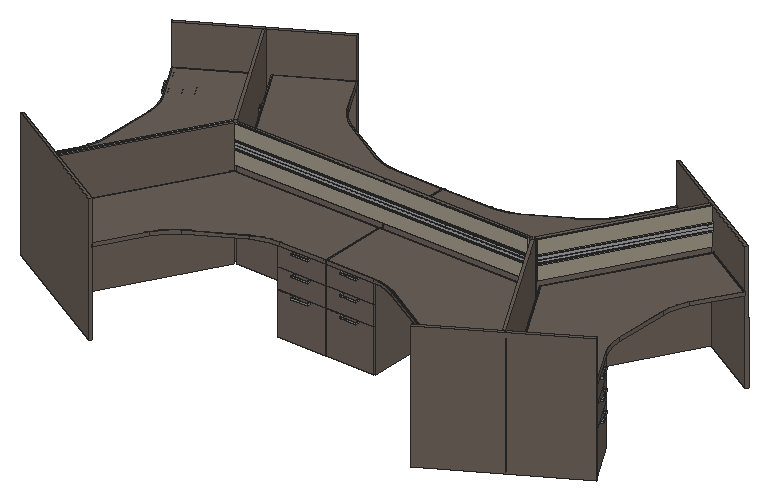
Revit family "STAKS010", category Furniture, Revit 2013
Reference planes (in)
  plane 1 "Center Front/Back": y = 0
  plane 2: z = 0
  plane 3 "Center Left/Right": x = 0
Dimensions and locks (in)
  aligned and locked: level to plane 2
  aligned and locked: nested 2 to nested 4  (x2)
  aligned and locked: nested 5 to nested 4
  aligned and locked: nested 6 to nested 2  (x2)
  aligned and locked: nested 1 to nested 4  (x2)
  aligned and locked: nested 2 to nested 3
  aligned and locked: nested 6 to nested 7
  aligned and locked: nested 10 to nested 9
  aligned and locked: nested 8 to nested 10
  aligned and locked: nested 12 to nested 11
  aligned and locked: nested 8 to nested 12
  aligned and locked: nested 7 to nested 14
  aligned and locked: nested 13 to nested 14
  aligned and locked: nested 13 to nested 2
  aligned and locked: nested 16 to nested 4
  aligned and locked: nested 1 to nested 17
  aligned and locked: nested 3 to nested 15
  aligned and locked: nested 20 to nested 5
  aligned and locked: nested 19 to nested 7
  aligned and locked: nested 19 to nested 21
  aligned and locked: nested 5 to nested 22
  aligned and locked: nested 23 to nested 5
  aligned and locked: nested 4 to nested 24
  aligned and locked: nested 29 to nested 27  (x2)
  aligned and locked: nested 29 to nested 30
  aligned and locked: nested 27 to nested 31
  aligned and locked: nested 29 to nested 26  (x2)
  aligned and locked: nested 31 to nested 27
  aligned and locked: nested 28 to nested 27
  aligned and locked: nested 32 to nested 31
  aligned and locked: nested 34 to nested 35
  aligned and locked: nested 35 to nested 33
  aligned and locked: nested 36 to nested 37
  aligned and locked: nested 37 to nested 33
  aligned and locked: nested 39 to nested 32
  aligned and locked: nested 39 to nested 38
  aligned and locked: nested 27 to nested 38
  aligned and locked: nested 29 to nested 41
  aligned and locked: nested 42 to nested 26
  aligned and locked: nested 40 to nested 28
  aligned and locked: nested 30 to nested 45
  aligned and locked: nested 32 to nested 44
  aligned and locked: nested 46 to nested 44
  aligned and locked: nested 47 to nested 30
  aligned and locked: nested 30 to nested 48
  aligned and locked: nested 49 to nested 29
  aligned and locked: nested 25 to nested 33
Nested families (in)
  nested 1: "FIRST OFFICE-STAKS-WORKSURFACE-CORNER 120 DEGREE" at (-38.25443, -65.70487, 0) x (0.5, 0.866, 0) z (0, 0, 1), type "FIRST OFFICE-STAKS-WORKSURFACE-CORNER 120 DEG 47.639 X 47.639"
  nested 2: "FIRST OFFICE-STAKS-WORKSURFACE-CORNER 120 DEGREE" at (-38.54255, -65.53852, 0) x (0.5, 0.866, 0) z (0, 0, 1), type "FIRST OFFICE-STAKS-WORKSURFACE-CORNER 120 DEG 47.639 X 47.639"
  nested 3: "FIRST OFFICE-STAKS-WORKSURFACE-CORNER 120 DEGREE" at (74.41604, -0.32185, 0) x (-1, 0, 0) z (0, 0, 1), type "FIRST OFFICE-STAKS-WORKSURFACE-CORNER 120 DEG 47.639 X 47.639"
  nested 4: "FIRST OFFICE-STAKS-WALL-SPINE-DIVIDER" at (-26.00317, -44.15238, 0) x (0.866, -0.5, 0) z (0, 0, 1), type "FIRST OFFICE-STAKS-WALL SPINE/DIVIDER 42 X 48"
  nested 5: "FIRST OFFICE-STAKS-WALL-SPINE-DIVIDER" at (-12.21127, -22.52553, 0) x (0.5, 0.866, 0) z (0, 0, 1), type "FIRST OFFICE-STAKS-WALL SPINE/DIVIDER 42 X 48"
  nested 6: "FIRST OFFICE-STAKS-WALL-SPINE-DIVIDER" at (-24.87782, 41.22682, 0) x (0.866, 0.5, 0) z (0, 0, 1), type "FIRST OFFICE-STAKS-WALL SPINE/DIVIDER 42 X 48"
  nested 7: "FIRST OFFICE-STAKS-WALL-SPINE-DIVIDER" at (-14.1592, 20.42449, 0) x (0.5, -0.866, 0) z (0, 0, 1), type "FIRST OFFICE-STAKS-WALL SPINE/DIVIDER 42 X 48"
  nested 8: "FIRST OFFICE-STAKS-WALL-SPINE-DIVIDER" at (24, -1.62535, 0) x (-1, 0, 0) z (0, 0, 1), type "FIRST OFFICE-STAKS-WALL SPINE/DIVIDER 42 X 48"
  nested 9: "FIRST OFFICE-STAKS-PEDESTALS-WORKSUFACE HEIGHT NO I BEAM-12W TO 16W" at (40.08539, -25.00035, 0), type "FIRST OFFICE-STAKS-SURFACE HEIGHT BBF PED-NO I BEAM 16 X 19"
  nested 10: "FIRST OFFICE-STAKS-BRACKETS-PEDESTAL TO WALL" at (40.73829, -5, 0) x (-1, 0, 0) z (0, 0, 1), type "FIRST OFFICE-STAKS-PEDESTAL TO WALL BRACKET 1"
  nested 11: "FIRST OFFICE-STAKS-PEDESTALS-WORKSUFACE HEIGHT NO I BEAM-12W TO 16W" at (40.08539, 24.00035, 0), type "FIRST OFFICE-STAKS-SURFACE HEIGHT BBF PED-NO I BEAM 16 X 19"
  nested 12: "FIRST OFFICE-STAKS-BRACKETS-PEDESTAL TO WALL" at (40.73829, 4, 0) x (-1, 0, 0) z (0, 0, 1), type "FIRST OFFICE-STAKS-PEDESTAL TO WALL BRACKET 1"
  nested 13: "FIRST OFFICE-STAKS-PEDESTALS-WORKSUFACE HEIGHT NO I BEAM-12W TO 16W" at (-42.50774, 22.7756, 0) x (-0.5, 0.866, 0) z (0, 0, 1), type "FIRST OFFICE-STAKS-SURFACE HEIGHT BBF PED-NO I BEAM 16 X 19"
  nested 14: "FIRST OFFICE-STAKS-BRACKETS-PEDESTAL TO WALL" at (-25.30603, 32.98206, 0) x (0.5, -0.866, 0) z (0, 0, 1), type "FIRST OFFICE-STAKS-PEDESTAL TO WALL BRACKET 1"
  nested 15: "FIRST OFFICE-STAKS-BRACKETS-WORKSURFACE-SCWBKT" at (-6.49875, 52.56007, -0.15625) x (0.5, -0.866, 0) z (0, 0, 1), type "FIRST OFFICE-STAKS-BRACKET-WORKSURFACE-16""
  nested 16: "FIRST OFFICE-STAKS-BRACKETS-WORKSURFACE-SCWBKT" at (-43.26026, -32.3122, -0.15625) x (0.5, 0.866, 0) z (0, 0, 1), type "FIRST OFFICE-STAKS-BRACKET-WORKSURFACE-16""
  nested 17: "FIRST OFFICE-STAKS-BRACKETS-WORKSURFACE-SCWBKT" at (-20.7436, -45.3122, -0.15625) x (0.5, 0.866, 0) z (0, 0, 1), type "FIRST OFFICE-STAKS-BRACKET-WORKSURFACE-16""
  nested 18: "FIRST OFFICE-STAKS-BRACKETS-CANTILEVER" at (5, -1, -0.15625), type "FIRST OFFICE-STAKS- BRACKETS-CANTILEVER-OPEN 22""
  nested 19: "FIRST OFFICE-STAKS-BRACKETS-CANTILEVER" at (-7.04887, 11.35974, -0.15625) x (-0.5, 0.866, 0) z (0, 0, 1), type "FIRST OFFICE-STAKS- BRACKETS-CANTILEVER-OPEN 22""
  nested 20: "FIRST OFFICE-STAKS-BRACKETS-CANTILEVER" at (-9.75386, -15.01849, -0.15625) x (-0.5, -0.866, 0) z (0, 0, 1), type "FIRST OFFICE-STAKS- BRACKETS-CANTILEVER-OPEN 22""
  nested 21: "FIRST OFFICE-STAKS-BRACKETS-CANTILEVER-CONCEALED" at (-18.04512, 30.40579, -0.15625) x (-0.5, 0.866, 0) z (0, 0, 1), type "FIRST OFFICE-STAKS- BRACKETS-CANTILEVER-CONCEALED-MINI"
  nested 22: "FIRST OFFICE-STAKS-BRACKETS-CANTILEVER-CONCEALED" at (-15.4904, -26.95445, -0.15625) x (0.5, 0.866, 0) z (0, 0, 1), type "FIRST OFFICE-STAKS- BRACKETS-CANTILEVER-CONCEALED-MINI"
  nested 23: "FIRST OFFICE-STAKS-BRACKETS-CANTILEVER-CONCEALED" at (-16.55485, -26.79814, -0.15625) x (-0.5, -0.866, 0) z (0, 0, 1), type "FIRST OFFICE-STAKS- BRACKETS-CANTILEVER-CONCEALED-MINI"
  nested 24: "FIRST OFFICE-STAKS-WALL-TACKBOARDS" at (-6.60039, 1.94418, 0) x (-0.5, -0.866, 0) z (0, 0, 1), type "FIRST OFFICE-STAKS-TACKBOARD TRIPLE 48-27 X 12"
    with TACKBORD WIDTH 3' - 11.99683"
  nested 25: "FIRST OFFICE-STAKS-WALL-TACKBOARDS" at (0, -6.75035, 0), type "FIRST OFFICE-STAKS-TACKBOARD TRIPLE 96-74 X 12"
    with TACKBORD WIDTH 8' - 0.00005"
  nested 26: "FIRST OFFICE-STAKS-WORKSURFACE-CORNER 120 DEGREE" at (134.25448, 64.70487, 0) x (-0.5, -0.866, 0) z (0, 0, 1), type "FIRST OFFICE-STAKS-WORKSURFACE-CORNER 120 DEG 47.639 X 47.639"
  nested 27: "FIRST OFFICE-STAKS-WORKSURFACE-CORNER 120 DEGREE" at (134.5426, 64.53852, 0) x (-0.5, -0.866, 0) z (0, 0, 1), type "FIRST OFFICE-STAKS-WORKSURFACE-CORNER 120 DEG 47.639 X 47.639"
  nested 28: "FIRST OFFICE-STAKS-WORKSURFACE-CORNER 120 DEGREE" at (21.58402, -0.67815, 0), type "FIRST OFFICE-STAKS-WORKSURFACE-CORNER 120 DEG 47.639 X 47.639"
  nested 29: "FIRST OFFICE-STAKS-WALL-SPINE-DIVIDER" at (122.00323, 43.15238, 0) x (-0.866, 0.5, 0) z (0, 0, 1), type "FIRST OFFICE-STAKS-WALL SPINE/DIVIDER 42 X 48"
  nested 30: "FIRST OFFICE-STAKS-WALL-SPINE-DIVIDER" at (108.21132, 21.52553, 0) x (-0.5, -0.866, 0) z (0, 0, 1), type "FIRST OFFICE-STAKS-WALL SPINE/DIVIDER 42 X 48"
  nested 31: "FIRST OFFICE-STAKS-WALL-SPINE-DIVIDER" at (120.87788, -42.22682, 0) x (-0.866, -0.5, 0) z (0, 0, 1), type "FIRST OFFICE-STAKS-WALL SPINE/DIVIDER 42 X 48"
  nested 32: "FIRST OFFICE-STAKS-WALL-SPINE-DIVIDER" at (110.15926, -21.42449, 0) x (-0.5, 0.866, 0) z (0, 0, 1), type "FIRST OFFICE-STAKS-WALL SPINE/DIVIDER 42 X 48"
  nested 33: "FIRST OFFICE-STAKS-WALL-SPINE-DIVIDER" at (72.00005, 0.62535, 0), type "FIRST OFFICE-STAKS-WALL SPINE/DIVIDER 42 X 48"
  nested 34: "FIRST OFFICE-STAKS-PEDESTALS-WORKSUFACE HEIGHT NO I BEAM-12W TO 16W" at (55.91467, 24.00035, 0) x (-1, 0, 0) z (0, 0, 1), type "FIRST OFFICE-STAKS-SURFACE HEIGHT BBF PED-NO I BEAM 16 X 19"
  nested 35: "FIRST OFFICE-STAKS-BRACKETS-PEDESTAL TO WALL" at (55.26176, 4, 0), type "FIRST OFFICE-STAKS-PEDESTAL TO WALL BRACKET 1"
  nested 36: "FIRST OFFICE-STAKS-PEDESTALS-WORKSUFACE HEIGHT NO I BEAM-12W TO 16W" at (55.91467, -25.00035, 0) x (-1, 0, 0) z (0, 0, 1), type "FIRST OFFICE-STAKS-SURFACE HEIGHT BBF PED-NO I BEAM 16 X 19"
  nested 37: "FIRST OFFICE-STAKS-BRACKETS-PEDESTAL TO WALL" at (55.26176, -5, 0), type "FIRST OFFICE-STAKS-PEDESTAL TO WALL BRACKET 1"
  nested 38: "FIRST OFFICE-STAKS-PEDESTALS-WORKSUFACE HEIGHT NO I BEAM-12W TO 16W" at (138.50779, -23.7756, 0) x (0.5, -0.866, 0) z (0, 0, 1), type "FIRST OFFICE-STAKS-SURFACE HEIGHT BBF PED-NO I BEAM 16 X 19"
  nested 39: "FIRST OFFICE-STAKS-BRACKETS-PEDESTAL TO WALL" at (121.30608, -33.98206, 0) x (-0.5, 0.866, 0) z (0, 0, 1), type "FIRST OFFICE-STAKS-PEDESTAL TO WALL BRACKET 1"
  nested 40: "FIRST OFFICE-STAKS-BRACKETS-WORKSURFACE-SCWBKT" at (102.4988, -53.56007, -0.15625) x (-0.5, 0.866, 0) z (0, 0, 1), type "FIRST OFFICE-STAKS-BRACKET-WORKSURFACE-16""
  nested 41: "FIRST OFFICE-STAKS-BRACKETS-WORKSURFACE-SCWBKT" at (139.26031, 31.3122, -0.15625) x (-0.5, -0.866, 0) z (0, 0, 1), type "FIRST OFFICE-STAKS-BRACKET-WORKSURFACE-16""
  nested 42: "FIRST OFFICE-STAKS-BRACKETS-WORKSURFACE-SCWBKT" at (116.74365, 44.3122, -0.15625) x (-0.5, -0.866, 0) z (0, 0, 1), type "FIRST OFFICE-STAKS-BRACKET-WORKSURFACE-16""
  nested 43: "FIRST OFFICE-STAKS-BRACKETS-CANTILEVER" at (91.00005, 0, -0.15625) x (-1, 0, 0) z (0, 0, 1), type "FIRST OFFICE-STAKS- BRACKETS-CANTILEVER-OPEN 22""
  nested 44: "FIRST OFFICE-STAKS-BRACKETS-CANTILEVER" at (103.04893, -12.35974, -0.15625) x (0.5, -0.866, 0) z (0, 0, 1), type "FIRST OFFICE-STAKS- BRACKETS-CANTILEVER-OPEN 22""
  nested 45: "FIRST OFFICE-STAKS-BRACKETS-CANTILEVER" at (105.75392, 14.01849, -0.15625) x (0.5, 0.866, 0) z (0, 0, 1), type "FIRST OFFICE-STAKS- BRACKETS-CANTILEVER-OPEN 22""
  nested 46: "FIRST OFFICE-STAKS-BRACKETS-CANTILEVER-CONCEALED" at (114.04517, -31.40579, -0.15625) x (0.5, -0.866, 0) z (0, 0, 1), type "FIRST OFFICE-STAKS- BRACKETS-CANTILEVER-CONCEALED-MINI"
  nested 47: "FIRST OFFICE-STAKS-BRACKETS-CANTILEVER-CONCEALED" at (111.49045, 25.95445, -0.15625) x (-0.5, -0.866, 0) z (0, 0, 1), type "FIRST OFFICE-STAKS- BRACKETS-CANTILEVER-CONCEALED-MINI"
  nested 48: "FIRST OFFICE-STAKS-BRACKETS-CANTILEVER-CONCEALED" at (112.5549, 25.79814, -0.15625) x (0.5, 0.866, 0) z (0, 0, 1), type "FIRST OFFICE-STAKS- BRACKETS-CANTILEVER-CONCEALED-MINI"
  nested 49: "FIRST OFFICE-STAKS-WALL-TACKBOARDS" at (102.60045, -2.94418, 0) x (0.5, 0.866, 0) z (0, 0, 1), type "FIRST OFFICE-STAKS-TACKBOARD TRIPLE 48-27 X 12"
    with TACKBORD WIDTH 3' - 11.99683"
Definition of nested family "FIRST OFFICE-STAKS-WORKSURFACE-CORNER 120 DEGREE"
  Parameters (values of type "FIRST OFFICE-STAKS-WORKSURFACE-CORNER 120 DEG 35.639 X 35.639")
    CORNER DEPTH = 2' - 11.639"
    URL = "http://www.firstoffice.com/products/crossover/staks/"
    Model = "6-CU-35.639/35.639"
    Manufacturer = "FIRST OFFICE-STAKS"
    MANUFACTURERS' CODE = "FOF"
    ENVIRONMENTAL = "http://www.firstoffice.com/products/crossover/staks/"
    Description = "36.639 X 36.639 CORNER 120 DEG DIAGINAL GRAIN WORKSURFACE"
    CORNER WIDTH = 2' - 11.639"
    CATALOG CODE = "FST"
    Assembly Code = ""
  Types (6): name | CORNER DEPTH | Model | Description | CORNER WIDTH
    FIRST OFFICE-STAKS-WORKSURFACE-CORNER 120 DEG 35.639 X 35.639 | 2' - 11.639" | "6-CU-35.639/35.639" | "36.639 X 36.639 CORNER 120 DEG DIAGINAL GRAIN WORKSURFACE" | 2' - 11.639"
    FIRST OFFICE-STAKS-WORKSURFACE-CORNER 120 DEG 41.639 X 41.639 | 3' - 5.639" | "6-CU-41.639/41.639" | "41.639 X 41.639 CORNER 120 DEG DIAGINAL GRAIN WORKSURFACE" | 3' - 5.639"
    FIRST OFFICE-STAKS-WORKSURFACE-CORNER 120 DEG 47.639 X 47.639 | 3' - 11.639" | "6-CU-47.639/47.639" | "47.639 X 47.639 CORNER 120 DEG DIAGINAL GRAIN WORKSURFACE" | 3' - 11.639"
    FIRST OFFICE-STAKS-WORKSURFACE-CORNER 120 DEG 57.639 X 57.639 | 4' - 9.639" | "6-CU-57.639/57.639" | "57.639 X 57.639 CORNER 120 DEG DIAGINAL GRAIN WORKSURFACE" | 4' - 9.639"
    FIRST OFFICE-STAKS-WORKSURFACE-CORNER 120 DEG 57.639 X 42.014 | 3' - 6.014" | "6-CU-57.639/42.014" | "57.639 X 42.014 CORNER 120 DEG DIAGINAL GRAIN WORKSURFACE" | 4' - 9.639"
    FIRST OFFICE-STAKS-WORKSURFACE-CORNER 120 DEG 42.014 X 57.639 | 4' - 9.639" | "6-CU-42.014/57.639" | "42.014 X 57.639 CORNER 120 DEG DIAGINAL GRAIN WORKSURFACE" | 3' - 6.014"
  Reference planes (in)
    plane 1: z = -0.125
    plane 2 "BACK": y = -1.83365
    plane 3: z = 27.25
    plane 4 "SURFACE TOP": z = 28.375
    plane 5 "LEFT": x = 38.41598
    plane 6 "RIGHT": through (69.04222, 6.8487, 47.875) normal (0.866, 0.5, 0)
    plane 7: y = -1.95865
    plane 8: x = 38.54098
    plane 9: through (68.93397, 6.7862, 47.875) normal (0.866, 0.5, 0)
    plane 10: x = 74.05498
    plane 11: y = -23.83365
    plane 12: through (7.3129, -81.51958, 47.875) normal (-0.5, 0.866, 0)
    plane 13: through (7.2504, -81.41133, 47.875) normal (-0.5, 0.866, 0)
    plane 14: through (50.09791, -4.0888, 47.875) normal (0.866, 0.5, 0)
    plane 15: through (49.98966, -4.1513, 47.875) normal (0.866, 0.5, 0)
    plane 16: y = -23.70865
    plane 17: through (-10.5066, -50.6553, 47.875) normal (-0.5, 0.866, 0)
    plane 18: through (49.87291, -25.97725, 47.875) normal (0.5, 0.866, 0)
    plane 19: through (49.93536, -25.86897, 47.875) normal (0.5, 0.866, 0)
  Forms (in)
    Extrusion 1, solid, material "STAKS SURFACE EDGE"
      sketch origin (0, 0, 16.625) x (-1, 0, 0) y (0, -1, 0)
        loop
          line (-73.98281, 1.95865) -> (-74.05498, 1.83365) -> (-38.41598, 1.83365) -> (-38.54098, 1.95865) -> (-73.98281, 1.95865)
      from 11.75 to 10.625
    Extrusion 2, solid, material "STAKS SURFACE EDGE"
      sketch origin (0, 0, 16.625) x (-1, 0, 0) y (0, -1, 0)
        loop
          line (-41.9399, 23.70865) -> (-38.54098, 23.70865) -> (-38.41598, 23.83365) -> (-41.87291, 23.83365)
          arc (-41.87291, 23.83365) -> (-46.01402, 24.37884) -> (-49.87291, 25.97725) r 16
          line (-49.87291, 25.97725) -> (-65.23705, 34.84774)
          arc (-65.23705, 34.84774) -> (-68.55076, 37.39043) -> (-71.09346, 40.70414) r 16
          line (-71.09346, 40.70414) -> (-72.82192, 43.69793) -> (-72.86768, 43.52718) -> (-71.16822, 40.58363)
          arc (-71.16822, 40.58363) -> (-68.64538, 37.29581) -> (-65.35756, 34.77298) r 15.875
          line (-65.35756, 34.77298) -> (-49.8774, 25.8355)
          arc (-49.8774, 25.8355) -> (-46.04865, 24.24958) -> (-41.9399, 23.70865) r 15.875
      from 11.75 to 10.625
    Extrusion 3, solid, material "STAKS SURFACE EDGE"
      sketch origin (0, 0, 16.625) x (-1, 0, 0) y (0, -1, 0)
        loop
          line (-38.54098, 1.95865) -> (-38.41598, 1.83365) -> (-38.41598, 23.83365) -> (-38.54098, 23.70865) -> (-38.54098, 1.95865)
      from 11.75 to 10.625
    Extrusion 4, solid, material "STAKS SURFACE EDGE"
      sketch origin (0, 0, 16.625) x (-1, 0, 0) y (0, -1, 0)
        loop
          line (-72.82192, 43.69793) -> (-91.87448, 32.69793) -> (-91.70373, 32.65218) -> (-72.86768, 43.52718) -> (-72.82192, 43.69793)
      from 11.75 to 10.625
    Extrusion 5, solid, material "STAKS SURFACE EDGE"
      sketch origin (0, 0, 16.625) x (-1, 0, 0) y (0, -1, 0)
        loop
          line (-74.05498, 1.83365) -> (-73.98281, 1.95865) -> (-91.70373, 32.65218) -> (-91.87448, 32.69793) -> (-74.05498, 1.83365)
      from 11.75 to 10.625
    Extrusion 6, solid, material "STAKS SURFACE 120"
      sketch origin (0, 0, 16.625) x (-1, 0, 0) y (0, -1, 0)
        loop
          line (-73.98281, 1.95865) -> (-38.54098, 1.95865) -> (-38.54098, 23.70865) -> (-41.9399, 23.70865)
          arc (-41.9399, 23.70865) -> (-46.04865, 24.24958) -> (-49.8774, 25.8355) r 15.875
          line (-49.8774, 25.8355) -> (-65.35756, 34.77298)
          arc (-65.35756, 34.77298) -> (-68.64538, 37.29581) -> (-71.16822, 40.58363) r 15.875
          line (-71.16822, 40.58363) -> (-72.86768, 43.52718) -> (-91.70373, 32.65218) -> (-73.98281, 1.95865)
      from 11.75 to 10.625
  Lines and regions (in)
    Masking region 1
      outline origin (0, 0, 16.625) x (-1, 0, 0) y (0, -1, 0)
        loop
          line (-38.54098, 1.95865) -> (-38.41598, 1.83365) -> (-38.41598, 23.83365) -> (-38.54098, 23.70865) -> (-38.54098, 1.95865)
    Masking region 2
      outline origin (0, 0, 16.625) x (-1, 0, 0) y (0, -1, 0)
        loop
          line (-38.41598, 1.83365) -> (-38.54098, 1.95865) -> (-73.98281, 1.95865) -> (-74.05498, 1.83365) -> (-38.41598, 1.83365)
    Masking region 3
      outline origin (0, 0, 16.625) x (-1, 0, 0) y (0, -1, 0)
        loop
          line (-74.05498, 1.83365) -> (-73.98281, 1.95865) -> (-91.70373, 32.65218) -> (-91.87448, 32.69793) -> (-74.05498, 1.83365)
    Masking region 4
      outline origin (0, 0, 16.625) x (-1, 0, 0) y (0, -1, 0)
        loop
          line (-91.87448, 32.69793) -> (-91.70373, 32.65218) -> (-72.86768, 43.52718) -> (-72.82192, 43.69793) -> (-91.87448, 32.69793)
    Masking region 5
      outline origin (0, 0, 16.625) x (-1, 0, 0) y (0, -1, 0)
        loop
          line (-71.09346, 40.70414) -> (-72.82192, 43.69793) -> (-72.86768, 43.52718) -> (-71.16822, 40.58363) -> (-71.09346, 40.70414)
    Masking region 6
      outline origin (0, 0, 16.625) x (-1, 0, 0) y (0, -1, 0)
        loop
          line (-71.09346, 40.70414) -> (-71.16822, 40.58363)
          arc (-71.16822, 40.58363) -> (-68.63353, 37.28397) -> (-65.32853, 34.75626) r 15.875
          line (-65.32853, 34.75626) -> (-65.23705, 34.84774)
          arc (-65.23705, 34.84774) -> (-68.55076, 37.39043) -> (-71.09346, 40.70414) r 16
    Masking region 7
      outline origin (0, 0, 16.625) x (-1, 0, 0) y (0, -1, 0)
        loop
          line (-49.8774, 25.97984) -> (-65.23705, 34.84774) -> (-65.32853, 34.75626) -> (-49.8774, 25.83554) -> (-49.8774, 25.97984)
    Masking region 8
      outline origin (0, 0, 16.625) x (-1, 0, 0) y (0, -1, 0)
        loop
          arc (-41.87291, 23.83365) -> (-46.01402, 24.37884) -> (-49.87291, 25.97725) r 16
          line (-49.87291, 25.97725) -> (-49.87291, 25.83291)
          arc (-49.87291, 25.83291) -> (-46.04615, 24.24891) -> (-41.9399, 23.70865) r 15.875
          line (-41.9399, 23.70865) -> (-41.87291, 23.83365)
    Masking region 9
      outline origin (0, 0, 16.625) x (-1, 0, 0) y (0, -1, 0)
        loop
          line (-38.54098, 23.70865) -> (-38.41598, 23.83365) -> (-41.87291, 23.83365) -> (-41.9399, 23.70865) -> (-38.54098, 23.70865)
    Masking region 10
      outline origin (0, 0, -0.125) x (1, 0, 0) y (0, 1, 0)
        loop
          arc (41.93975, -23.70865) -> (46.04858, -24.24959) -> (49.8774, -25.83554) r 15.8753
          line (49.8774, -25.83554) -> (65.32853, -34.75626)
          arc (65.32853, -34.75626) -> (68.64229, -37.299) -> (71.18503, -40.61276) r 16.00026
          line (71.18503, -40.61276) -> (72.86768, -43.52718) -> (91.70373, -32.65218) -> (73.98281, -1.95865) -> (38.54098, -1.95865) -> (38.54098, -23.70865) -> (41.93975, -23.70865)
  Dimensions and locks (in)
    locked: plane 4 "SURFACE TOP" to plane 3 at 1.125
    locked: plane 5 "LEFT" to plane 8 at 0.125
    locked: plane 2 "BACK" to plane 7 at 0.125
    locked: plane 2 "BACK" to plane 11 at 22
    locked: plane 13 to plane 12 at 0.125
    locked: plane 6 "RIGHT" to plane 15 at 22
    locked: plane 16 to plane 11 at 0.125
    locked: plane 14 to plane 15 at 0.125
    locked: plane 6 "RIGHT" to plane 9 at 0.125
    "CORNER WIDTH": plane 5 "LEFT" to plane 10
    "CORNER DEPTH": plane 17 to plane 12
    locked: Extrusion 2 sketch curve to Extrusion 2 sketch curve at 33.74098
    locked: Masking region 8 sketch curve to Masking region 8 sketch curve at 8.28221
    Masking region 8 sketch curve to Masking region 8 sketch curve = 0' - 8.2125"
    Masking region 10 sketch curve to Masking region 10 sketch curve = 0' - 8.21766"
    Masking region 10 sketch curve to Masking region 10 sketch curve = 0' - 8.28235"
    locked: plane 2 "BACK" to plane 6 "RIGHT" (angle 120.00°)
    aligned: level to plane 1
    aligned and locked: plane 4 "SURFACE TOP" to Extrusion 1
    aligned and locked: Extrusion 1 to plane 3
    aligned and locked: Extrusion 2 sketch curve to plane 15
    aligned and locked: plane 13 to Extrusion 2 sketch curve
    aligned and locked: Extrusion 2 sketch curve to plane 11
    aligned and locked: plane 16 to Extrusion 2 sketch curve
    aligned and locked: Extrusion 1 sketch curve to plane 7
    aligned and locked: plane 2 "BACK" to Extrusion 1 sketch curve
    aligned and locked: plane 4 "SURFACE TOP" to Extrusion 3
    aligned and locked: plane 4 "SURFACE TOP" to Extrusion 6
    aligned and locked: plane 4 "SURFACE TOP" to Extrusion 2
    aligned and locked: plane 4 "SURFACE TOP" to Extrusion 5
    aligned and locked: plane 4 "SURFACE TOP" to Extrusion 4
    aligned and locked: Extrusion 2 to plane 3
    aligned and locked: Extrusion 3 to plane 3
    aligned and locked: Extrusion 6 to plane 3
    aligned and locked: Extrusion 5 to plane 3
    aligned and locked: Extrusion 4 to plane 3
    aligned and locked: Extrusion 6 sketch curve to Extrusion 2
    aligned and locked: plane 14 to Masking region 5 sketch curve
    aligned and locked: Masking region 5 sketch curve to plane 15
    aligned and locked: Extrusion 2 to Masking region 5 sketch curve
    aligned: plane 12 to Masking region 5 sketch curve
    aligned: plane 13 to Masking region 5 sketch curve
    aligned and locked: Masking region 5 sketch curve to Extrusion 4
    aligned and locked: Masking region 6 sketch curve to Extrusion 2
    aligned and locked: Extrusion 2 to Masking region 7 sketch curve
    aligned and locked: Masking region 8 sketch curve to Extrusion 2
    aligned and locked: Masking region 9 sketch curve to Masking region 8
    aligned and locked: Masking region 7 to Masking region 10 sketch curve
    aligned and locked: Masking region 10 sketch curve to Masking region 7
  Automatic sketch dimensions
    Extrusion 2 sketch curve to plane 14 = 0' - 0"  (x2)
    Extrusion 2 sketch curve to plane 12 = 0' - 0"
    Extrusion 2 sketch curve to plane 18 = 0' - 0"  (x2)
    Extrusion 2 sketch curve to plane 8 = 0' - 0"
    Extrusion 2 sketch curve to plane 5 "LEFT" = 0' - 0"
    Extrusion 2 sketch curve to plane 10 = 0' - 2.88676"
    Extrusion 2 sketch curve to plane 2 "BACK" = 3' - 2.87049"
    Extrusion 2 sketch curve to Extrusion 2 sketch curve = 0' - 5.81065"
    Extrusion 2 sketch curve to Extrusion 2 sketch curve = 0' - 0.12051"
    Extrusion 2 sketch curve to Extrusion 2 sketch curve = 1' - 1.67339"
    Extrusion 2 sketch curve to Extrusion 2 sketch curve = 0' - 0.18301"
    Extrusion 2 sketch curve to Extrusion 2 sketch curve = 0' - 8.00449"
    Extrusion 2 sketch curve to Extrusion 2 sketch curve = 0' - 0.00449"
    Extrusion 2 sketch curve to Extrusion 2 sketch curve = 0' - 0.06699"
    Extrusion 2 sketch curve to Extrusion 2 sketch curve = 0' - 0.14175"
    Extrusion 2 sketch curve to Extrusion 2 sketch curve = 0' - 0.07476"
    Extrusion 1 sketch curve to plane 6 "RIGHT" = 0' - 0"
    Extrusion 1 sketch curve to plane 9 = 0' - 0"
    Extrusion 1 sketch curve to plane 8 = 0' - 0"
    Extrusion 1 sketch curve to plane 5 "LEFT" = 0' - 0"
    Extrusion 3 sketch curve to plane 8 = 0' - 0"
    Extrusion 3 sketch curve to plane 7 = 0' - 0"
    Extrusion 3 sketch curve to plane 5 "LEFT" = 0' - 0"
    Extrusion 3 sketch curve to plane 2 "BACK" = 0' - 0"
    Extrusion 3 sketch curve to plane 16 = 0' - 0"
    Extrusion 3 sketch curve to plane 11 = 0' - 0"
    Extrusion 4 sketch curve to plane 6 "RIGHT" = 0' - 0"
    Extrusion 4 sketch curve to plane 12 = 0' - 0"  (x2)
    Extrusion 4 sketch curve to plane 9 = 0' - 0"
    Extrusion 4 sketch curve to plane 13 = 0' - 0"  (x2)
    Extrusion 4 sketch curve to plane 14 = 0' - 0"
    Extrusion 4 sketch curve to plane 15 = 0' - 0"
    Extrusion 5 sketch curve to plane 6 "RIGHT" = 0' - 0"  (x2)
    Extrusion 5 sketch curve to plane 12 = 0' - 0"
    Extrusion 5 sketch curve to plane 9 = 0' - 0"  (x2)
    Extrusion 5 sketch curve to plane 13 = 0' - 0"
    Extrusion 5 sketch curve to plane 2 "BACK" = 0' - 0"
    Extrusion 5 sketch curve to plane 7 = 0' - 0"
    Masking region 1 sketch curve to plane 7 = 0' - 0"
    Masking region 1 sketch curve to plane 8 = 0' - 0"
    Masking region 1 sketch curve to plane 5 "LEFT" = 0' - 0"
    Masking region 1 sketch curve to plane 2 "BACK" = 0' - 0"
    Masking region 1 sketch curve to plane 16 = 0' - 0"
    Masking region 1 sketch curve to plane 11 = 0' - 0"
    Masking region 2 sketch curve to plane 6 "RIGHT" = 0' - 0"
    Masking region 2 sketch curve to plane 7 = 0' - 0"
    Masking region 2 sketch curve to plane 9 = 0' - 0"
    Masking region 2 sketch curve to plane 8 = 0' - 0"
    Masking region 2 sketch curve to plane 2 "BACK" = 0' - 0"
    Masking region 2 sketch curve to plane 5 "LEFT" = 0' - 0"
    Masking region 3 sketch curve to plane 12 = 0' - 0"
    Masking region 3 sketch curve to plane 6 "RIGHT" = 0' - 0"  (x2)
    Masking region 3 sketch curve to plane 9 = 0' - 0"  (x2)
    Masking region 3 sketch curve to plane 13 = 0' - 0"
    Masking region 3 sketch curve to plane 2 "BACK" = 0' - 0"
    Masking region 3 sketch curve to plane 7 = 0' - 0"
    Masking region 4 sketch curve to plane 6 "RIGHT" = 0' - 0"
    Masking region 4 sketch curve to plane 12 = 0' - 0"  (x2)
    Masking region 4 sketch curve to plane 9 = 0' - 0"
    Masking region 4 sketch curve to plane 13 = 0' - 0"  (x2)
    Masking region 4 sketch curve to plane 14 = 0' - 0"
    Masking region 4 sketch curve to plane 15 = 0' - 0"
    Extrusion 6 sketch curve to plane 9 = 0' - 0"
    Extrusion 6 sketch curve to plane 13 = 0' - 0"  (x2)
    Extrusion 6 sketch curve to plane 14 = 0' - 0"
    Extrusion 6 sketch curve to plane 7 = 0' - 0"
    Extrusion 6 sketch curve to plane 16 = 0' - 0"
    Extrusion 6 sketch curve to plane 8 = 0' - 0"
    Extrusion 6 sketch curve to plane 10 = 0' - 2.88676"
    Extrusion 6 sketch curve to Extrusion 6 sketch curve = 0' - 5.81065"
    Extrusion 6 sketch curve to Extrusion 6 sketch curve = 1' - 1.74815"
    Extrusion 6 sketch curve to plane 11 = 0' - 2.00185"
    Extrusion 6 sketch curve to Extrusion 6 sketch curve = 0' - 7 15/16"
    Masking region 5 sketch curve to plane 10 = 0' - 2.88676"
    Masking region 5 sketch curve to Masking region 5 sketch curve = 0' - 0.07476"
    Masking region 6 sketch curve to plane 14 = 0' - 0"
    Masking region 6 sketch curve to plane 15 = 0' - 0"
    Masking region 6 sketch curve to plane 18 = 0' - 0"
    Masking region 6 sketch curve to Masking region 6 sketch curve = 0' - 0.07476"
    Masking region 6 sketch curve to Masking region 6 sketch curve = 0' - 5.83969"
    Masking region 6 sketch curve to Masking region 6 sketch curve = 0' - 0.09148"  (x2)
    Masking region 6 sketch curve to Masking region 6 sketch curve = 1' - 1.67339"
    Masking region 6 sketch curve to Masking region 6 sketch curve = 0' - 0.18301"
    Masking region 7 sketch curve to plane 18 = 0' - 0"  (x2)
    Masking region 7 sketch curve to plane 10 = 0' - 8.81793"
    Masking region 7 sketch curve to Masking region 7 sketch curve = 0' - 0.09148"  (x2)
    Masking region 7 sketch curve to Masking region 7 sketch curve = 0' - 0.1443"
    Masking region 8 sketch curve to plane 18 = 0' - 0"
    Masking region 8 sketch curve to plane 16 = 0' - 0"
    Masking region 8 sketch curve to plane 11 = 0' - 0"
    Masking region 8 sketch curve to Masking region 8 sketch curve = 0' - 0.06699"
    Masking region 9 sketch curve to plane 16 = 0' - 0"
    Masking region 9 sketch curve to plane 11 = 0' - 0"
    Masking region 9 sketch curve to plane 8 = 0' - 0"
    Masking region 9 sketch curve to plane 5 "LEFT" = 0' - 0"
    Masking region 10 sketch curve to plane 8 = 0' - 0"
    Masking region 10 sketch curve to plane 16 = 0' - 0"
    Masking region 10 sketch curve to plane 14 = 0' - 0"  (x2)
    Masking region 10 sketch curve to plane 7 = 0' - 0"
    Masking region 10 sketch curve to plane 9 = 0' - 0"
    Masking region 10 sketch curve to plane 13 = 0' - 0"
    Masking region 10 sketch curve to plane 11 = 0' - 2.00189"
    Masking region 10 sketch curve to plane 10 = 0' - 2.86995"
    Masking region 10 sketch curve to Masking region 10 sketch curve = 1' - 1.85663"
Definition of nested family "FIRST OFFICE-STAKS-WALL-SPINE-DIVIDER"
  Parameters (values of type "FIRST OFFICE-STAKS-WALL SPINE/DIVIDER 33 X 24")
    URL = "http://www.firstoffice.com/products/crossover/staks/"
    Model = "6-pan-33/24"
    Manufacturer = "FIRST OFFICE-STAKS"
    MANUFACTURERS' CODE = "FOF"
    ENVIRONMENTAL = "http://www.firstoffice.com/products/crossover/staks/"
    Description = "33 X 24 SPINE OR DIVIDER WALL"
    Wall Width = 2' - 0"
    Wall Height = 2' - 8 1/2"
    CATALOG CODE = "FST"
    Assembly Code = ""
  Types (54): name | Model | Description | Wall Width | Wall Height
    FIRST OFFICE-STAKS-WALL SPINE/DIVIDER 33 X 24 | "6-pan-33/24" | "33 X 24 SPINE OR DIVIDER WALL" | 2' - 0" | 2' - 8 1/2"
    FIRST OFFICE-STAKS-WALL SPINE/DIVIDER 33 X 26 | "6-pan-33/26" | "33 X 26 SPINE OR DIVIDER WALL" | 2' - 2" | 2' - 8 1/2"
    FIRST OFFICE-STAKS-WALL SPINE/DIVIDER 33 X 30 | "6-pan-33/30" | "33 X 30 SPINE OR DIVIDER WALL" | 2' - 6" | 2' - 8 1/2"
    FIRST OFFICE-STAKS-WALL SPINE/DIVIDER 33 X 33 | "6-pan-33/33" | "33 X 33 SPINE OR DIVIDER WALL" | 2' - 9" | 2' - 8 1/2"
    FIRST OFFICE-STAKS-WALL SPINE/DIVIDER 33 X 36 | "6-pan-33/36" | "33 X 36 SPINE OR DIVIDER WALL" | 3' - 0" | 2' - 8 1/2"
    FIRST OFFICE-STAKS-WALL SPINE/DIVIDER 33 X 37 | "6-pan-33/37" | "33 X 37 SPINE OR DIVIDER WALL" | 3' - 1" | 2' - 8 1/2"
    FIRST OFFICE-STAKS-WALL SPINE/DIVIDER 33 X 40 | "6-pan-33/40" | "33 X 40 SPINE OR DIVIDER WALL" | 3' - 4" | 2' - 8 1/2"
    FIRST OFFICE-STAKS-WALL SPINE/DIVIDER 33 X 42 | "6-pan-33/42" | "33 X 42 SPINE OR DIVIDER WALL" | 3' - 6" | 2' - 8 1/2"
    FIRST OFFICE-STAKS-WALL SPINE/DIVIDER 33 X 44 | "6-pan-33/44" | "33 X 44 SPINE OR DIVIDER WALL" | 3' - 8" | 2' - 8 1/2"
    FIRST OFFICE-STAKS-WALL SPINE/DIVIDER 33 X 45 | "6-pan-33/45" | "33 X 45 SPINE OR DIVIDER WALL" | 3' - 9" | 2' - 8 1/2"
    FIRST OFFICE-STAKS-WALL SPINE/DIVIDER 33 X 47 | "6-pan-33/47" | "33 X 47 SPINE OR DIVIDER WALL" | 3' - 11" | 2' - 8 1/2"
    FIRST OFFICE-STAKS-WALL SPINE/DIVIDER 33 X 48 | "6-pan-33/48" | "33 X 48 SPINE OR DIVIDER WALL" | 4' - 0" | 2' - 8 1/2"
    FIRST OFFICE-STAKS-WALL SPINE/DIVIDER 33 X 49 | "6-pan-33/49" | "33 X 49 SPINE OR DIVIDER WALL" | 4' - 1" | 2' - 8 1/2"
    FIRST OFFICE-STAKS-WALL SPINE/DIVIDER 33 X 52 | "6-pan-33/52" | "33 X 52 SPINE OR DIVIDER WALL" | 4' - 4" | 2' - 8 1/2"
    FIRST OFFICE-STAKS-WALL SPINE/DIVIDER 33 X 54 | "6-pan-33/54" | "33 X 54 SPINE OR DIVIDER WALL" | 4' - 6" | 2' - 8 1/2"
    FIRST OFFICE-STAKS-WALL SPINE/DIVIDER 33 X 56 | "6-pan-33/56" | "33 X 56 SPINE OR DIVIDER WALL" | 4' - 8" | 2' - 8 1/2"
    FIRST OFFICE-STAKS-WALL SPINE/DIVIDER 33 X 58 | "6-pan-33/58" | "33 X 58 SPINE OR DIVIDER WALL" | 4' - 10" | 2' - 8 1/2"
    FIRST OFFICE-STAKS-WALL SPINE/DIVIDER 33 X 59 | "6-pan-33/59" | "33 X 59 SPINE OR DIVIDER WALL" | 4' - 11" | 2' - 8 1/2"
    FIRST OFFICE-STAKS-WALL SPINE/DIVIDER 42 X 24 | "6-pan-42/24" | "42 X 24 SPINE OR DIVIDER WALL" | 2' - 0" | 3' - 5 1/2"
    FIRST OFFICE-STAKS-WALL SPINE/DIVIDER 42 X 26 | "6-pan-42/26" | "42 X 26 SPINE OR DIVIDER WALL" | 2' - 2" | 3' - 5 1/2"
    FIRST OFFICE-STAKS-WALL SPINE/DIVIDER 42 X 30 | "6-pan-42/30" | "42 X 30 SPINE OR DIVIDER WALL" | 2' - 6" | 3' - 5 1/2"
    FIRST OFFICE-STAKS-WALL SPINE/DIVIDER 42 X 33 | "6-pan-42/33" | "42 X 33 SPINE OR DIVIDER WALL" | 2' - 9" | 3' - 5 1/2"
    FIRST OFFICE-STAKS-WALL SPINE/DIVIDER 42 X 36 | "6-pan-42/36" | "42 X 36 SPINE OR DIVIDER WALL" | 3' - 0" | 3' - 5 1/2"
    FIRST OFFICE-STAKS-WALL SPINE/DIVIDER 42 X 37 | "6-pan-42/37" | "42 X 37 SPINE OR DIVIDER WALL" | 3' - 1" | 3' - 5 1/2"
    FIRST OFFICE-STAKS-WALL SPINE/DIVIDER 42 X 40 | "6-pan-42/40" | "42 X 40 SPINE OR DIVIDER WALL" | 3' - 4" | 3' - 5 1/2"
    FIRST OFFICE-STAKS-WALL SPINE/DIVIDER 42 X 42 | "6-pan-42/42" | "42 X 42 SPINE OR DIVIDER WALL" | 3' - 6" | 3' - 5 1/2"
    FIRST OFFICE-STAKS-WALL SPINE/DIVIDER 42 X 44 | "6-pan-42/44" | "42 X 44 SPINE OR DIVIDER WALL" | 3' - 8" | 3' - 5 1/2"
    FIRST OFFICE-STAKS-WALL SPINE/DIVIDER 42 X 45 | "6-pan-42/45" | "42 X 45 SPINE OR DIVIDER WALL" | 3' - 9" | 3' - 5 1/2"
    FIRST OFFICE-STAKS-WALL SPINE/DIVIDER 42 X 47 | "6-pan-42/47" | "42 X 47 SPINE OR DIVIDER WALL" | 3' - 11" | 3' - 5 1/2"
    FIRST OFFICE-STAKS-WALL SPINE/DIVIDER 42 X 48 | "6-pan-42/48" | "42 X 48 SPINE OR DIVIDER WALL" | 4' - 0" | 3' - 5 1/2"
    FIRST OFFICE-STAKS-WALL SPINE/DIVIDER 42 X 49 | "6-pan-42/49" | "42 X 49 SPINE OR DIVIDER WALL" | 4' - 1" | 3' - 5 1/2"
    FIRST OFFICE-STAKS-WALL SPINE/DIVIDER 42 X 52 | "6-pan-42/52" | "42 X 52 SPINE OR DIVIDER WALL" | 4' - 4" | 3' - 5 1/2"
    FIRST OFFICE-STAKS-WALL SPINE/DIVIDER 42 X 54 | "6-pan-42/54" | "42 X 54 SPINE OR DIVIDER WALL" | 4' - 6" | 3' - 5 1/2"
    FIRST OFFICE-STAKS-WALL SPINE/DIVIDER 42 X 56 | "6-pan-42/56" | "42 X 56 SPINE OR DIVIDER WALL" | 4' - 8" | 3' - 5 1/2"
    FIRST OFFICE-STAKS-WALL SPINE/DIVIDER 42 X 58 | "6-pan-42/58" | "42 X 58 SPINE OR DIVIDER WALL" | 4' - 10" | 3' - 5 1/2"
    FIRST OFFICE-STAKS-WALL SPINE/DIVIDER 42 X 59 | "6-pan-42/59" | "42 X 59 SPINE OR DIVIDER WALL" | 4' - 11" | 3' - 5 1/2"
    FIRST OFFICE-STAKS-WALL SPINE/DIVIDER 48 X 24 | "6-pan-48/24" | "48 X 24 SPINE OR DIVIDER WALL" | 2' - 0" | 3' - 11 1/2"
    FIRST OFFICE-STAKS-WALL SPINE/DIVIDER 48 X 26 | "6-pan-48/26" | "48 X 26 SPINE OR DIVIDER WALL" | 2' - 2" | 3' - 11 1/2"
    FIRST OFFICE-STAKS-WALL SPINE/DIVIDER 48 X 30 | "6-pan-48/30" | "48 X 30 SPINE OR DIVIDER WALL" | 2' - 6" | 3' - 11 1/2"
    FIRST OFFICE-STAKS-WALL SPINE/DIVIDER 48 X 33 | "6-pan-48/33" | "48 X 33 SPINE OR DIVIDER WALL" | 2' - 9" | 3' - 11 1/2"
    FIRST OFFICE-STAKS-WALL SPINE/DIVIDER 48 X 36 | "6-pan-48/36" | "48 X 36 SPINE OR DIVIDER WALL" | 3' - 0" | 3' - 11 1/2"
    FIRST OFFICE-STAKS-WALL SPINE/DIVIDER 48 X 37 | "6-pan-48/37" | "48 X 37 SPINE OR DIVIDER WALL" | 3' - 1" | 3' - 11 1/2"
    FIRST OFFICE-STAKS-WALL SPINE/DIVIDER 48 X 40 | "6-pan-48/40" | "48 X 40 SPINE OR DIVIDER WALL" | 3' - 4" | 3' - 11 1/2"
    FIRST OFFICE-STAKS-WALL SPINE/DIVIDER 48 X 42 | "6-pan-48/42" | "48 X 42 SPINE OR DIVIDER WALL" | 3' - 6" | 3' - 11 1/2"
    FIRST OFFICE-STAKS-WALL SPINE/DIVIDER 48 X 44 | "6-pan-48/44" | "48 X 44 SPINE OR DIVIDER WALL" | 3' - 8" | 3' - 11 1/2"
    FIRST OFFICE-STAKS-WALL SPINE/DIVIDER 48 X 45 | "6-pan-48/45" | "48 X 45 SPINE OR DIVIDER WALL" | 3' - 9" | 3' - 11 1/2"
    FIRST OFFICE-STAKS-WALL SPINE/DIVIDER 48 X 47 | "6-pan-48/47" | "48 X 47 SPINE OR DIVIDER WALL" | 3' - 11" | 3' - 11 1/2"
    FIRST OFFICE-STAKS-WALL SPINE/DIVIDER 48 X 48 | "6-pan-48/48" | "48 X 48 SPINE OR DIVIDER WALL" | 4' - 0" | 3' - 11 1/2"
    FIRST OFFICE-STAKS-WALL SPINE/DIVIDER 48 X 49 | "6-pan-48/49" | "48 X 49 SPINE OR DIVIDER WALL" | 4' - 1" | 3' - 11 1/2"
    FIRST OFFICE-STAKS-WALL SPINE/DIVIDER 48 X 52 | "6-pan-48/52" | "48 X 52 SPINE OR DIVIDER WALL" | 4' - 4" | 3' - 11 1/2"
    FIRST OFFICE-STAKS-WALL SPINE/DIVIDER 48 X 54 | "6-pan-48/54" | "48 X 54 SPINE OR DIVIDER WALL" | 4' - 6" | 3' - 11 1/2"
    FIRST OFFICE-STAKS-WALL SPINE/DIVIDER 48 X 56 | "6-pan-48/56" | "48 X 56 SPINE OR DIVIDER WALL" | 4' - 8" | 3' - 11 1/2"
    FIRST OFFICE-STAKS-WALL SPINE/DIVIDER 48 X 58 | "6-pan-48/58" | "48 X 58 SPINE OR DIVIDER WALL" | 4' - 10" | 3' - 11 1/2"
    FIRST OFFICE-STAKS-WALL SPINE/DIVIDER 48 X 59 | "6-pan-48/59" | "48 X 59 SPINE OR DIVIDER WALL" | 4' - 11" | 3' - 11 1/2"
  Reference planes (in)
    plane 1: z = 0
    plane 2 "Center Left/Right": x = 0
    plane 3 "Left": x = -12
    plane 4 "Right": x = 12
    plane 5 "Back": y = 1.62535
    plane 6 "WALL Top": z = 32.5
    plane 7: y = 0.62535
  Forms (in)
    Extrusion 1, solid, material "STAKS WALL"
      sketch origin (0, 5, -0.18015) x (0, 1, 0) y (0, 0, 1)
        loop
          line (-4.37465, 32.68015) -> (-4.37465, 0.18015) -> (-3.37465, 0.18015) -> (-3.37465, 32.68015) -> (-4.37465, 32.68015)
      from -12 to 12
  Lines and regions (in)
    Masking region 1
      outline origin (0, 0, 0) x (1, 0, 0) y (0, 1, 0)
        loop
          line (-12, 1.62535) -> (-12, 0.62535) -> (12, 0.62535) -> (12, 1.62535) -> (-12, 1.62535)
  Dimensions and locks (in)
    "Wall Width": plane 3 "Left" to plane 4 "Right"
    equal spacing: plane 3 "Left", plane 2 "Center Left/Right", plane 4 "Right"
    "Wall Height": plane 6 "WALL Top" to plane 1
    locked: plane 7 to plane 5 "Back" at 1
    aligned and locked: Extrusion 1 to plane 3 "Left"
    aligned and locked: plane 4 "Right" to Extrusion 1
    aligned: Extrusion 1 to plane 1
    aligned and locked: level to plane 1
    aligned: Extrusion 1 to plane 6 "WALL Top"
    aligned: Extrusion 1 sketch curve to plane 1
    aligned and locked: Extrusion 1 to Masking region 1 sketch curve
    aligned and locked: Masking region 1 sketch curve to plane 3 "Left"
    aligned and locked: plane 4 "Right" to Masking region 1 sketch curve
    aligned and locked: Extrusion 1 to plane 5 "Back"
    aligned and locked: Extrusion 1 sketch curve to plane 1
    aligned and locked: plane 6 "WALL Top" to Extrusion 1 sketch curve
    aligned and locked: plane 7 to Extrusion 1
    aligned and locked: plane 7 to Masking region 1
  Automatic sketch dimensions
    Masking region 1 sketch curve to Masking region 1 sketch curve = 0' - 1"
    Extrusion 1 sketch curve to plane 5 "Back" = 0' - 0"
    Extrusion 1 sketch curve to Extrusion 1 sketch curve = 0' - 1"
Definition of nested family "FIRST OFFICE-STAKS-PEDESTALS-WORKSUFACE HEIGHT NO I BEAM-12W TO 16W"
  Parameters (values of type "FIRST OFFICE-STAKS-SURFACE HEIGHT BBF PED-NO I BEAM 16 X 19")
    URL = "http://www.firstoffice.com/products/crossover/staks/"
    SHELF = no
    PULL 1 = yes
    PULL 2 = yes
    PULL 3 = yes
    PEDESTAL DEPTH = 1' - 7 3/8"
    Model = "6-NW1619MPD1"
    Manufacturer = "FIRST OFFICE-STAKS"
    MANUFACTURERS' CODE = "FOF"
    FILE FRONT 1 = no
    FILE FRONT 2 = yes
    ENVIRONMENTAL = "http://www.firstoffice.com/products/crossover/staks/"
    Description = "16 X 19 BBF PEDESTAL"
    PEDESTAL WIDTH = 1' - 3 5/8"
    DOOR = no
    CATALOG CODE = "FST"
    BOX FRONT 1 = yes
    BOX FRONT 2 = yes
    Assembly Code = ""
  Types (24): name | SHELF | PULL 1 | PULL 2 | PULL 3 | PEDESTAL DEPTH | Model | FILE FRONT 1 | FILE FRONT 2 | Description | PEDESTAL WIDTH | DOOR | BOX FRONT 1 | BOX FRONT 2
    FIRST OFFICE-STAKS-SURFACE HEIGHT UTILITY PED-NO I BEAM 12 X 19 | no | yes | no | yes | 1' - 7 3/8" | "6-NW1219MPD13" | yes | yes | "12 X 19 UTILITY PEDESTAL" | 1' - 0" | no | no | no
    FIRST OFFICE-STAKS-SURFACE HEIGHT UTILITY PED-NO I BEAM 12 X 22 | no | yes | no | yes | 1' - 9 7/8" | "6-NW1222MPD13" | yes | yes | "12 X 22 UTILITY PEDESTAL" | 1' - 0" | no | no | no
    FIRST OFFICE-STAKS-SURFACE HEIGHT CPU PED L-NO I BEAM 12 X 19 | no | yes | no | no | 1' - 7 3/8" | "6-NW1219MPDL14" | no | no | "12 X 19 CPU PEDESTAL" | 1' - 0" | yes | no | no
    FIRST OFFICE-STAKS-SURFACE HEIGHT CPU PED L-NO I BEAM 12 X 22 | no | yes | no | no | 1' - 9 7/8" | "6-NW1222MPDL14" | no | no | "12 X 22 CPU PEDESTAL" | 1' - 0" | yes | no | no
    FIRST OFFICE-STAKS-SURFACE HEIGHT CPU PED R-NO I BEAM 12 X 19 | no | yes | no | no | 1' - 7 3/8" | "6-NW1219MPDR14" | no | no | "12 X 19 CPU PEDESTAL" | 1' - 0" | yes | no | no
    FIRST OFFICE-STAKS-SURFACE HEIGHT CPU PED R-NO I BEAM 12 X 22 | no | yes | no | no | 1' - 9 7/8" | "6-NW1222MPDR14" | no | no | "12 X 22 CPU PEDESTAL" | 1' - 0" | yes | no | no
    FIRST OFFICE-STAKS-SURFACE HEIGHT BBF PED-NO I BEAM 16 X 19 | no | yes | yes | yes | 1' - 7 3/8" | "6-NW1619MPD1" | no | yes | "16 X 19 BBF PEDESTAL" | 1' - 3 5/8" | no | yes | yes
    FIRST OFFICE-STAKS-SURFACE HEIGHT BBF PED-NO I BEAM 16 X 22 | no | yes | yes | yes | 1' - 9 7/8" | "6-NW1622MPD1" | no | yes | "16 X 22 BBF PEDESTAL" | 1' - 3 5/8" | no | yes | yes
    FIRST OFFICE-STAKS-SURFACE HEIGHT BBF PED-NO I BEAM 16 X 27 | no | yes | yes | yes | 2' - 3 3/8" | "6-NW1627MPD1" | no | yes | "16 X 27 BBF PEDESTAL" | 1' - 3 5/8" | no | yes | yes
    FIRST OFFICE-STAKS-SURFACE HEIGHT BBF PED-NO I BEAM 16 X 30 | no | yes | yes | yes | 2' - 5 7/8" | "6-NW1630MPD1" | no | yes | "16 X 30 BBF PEDESTAL" | 1' - 3 5/8" | no | yes | yes
    FIRST OFFICE-STAKS-SURFACE HEIGHT BBF PED-NO I BEAM 16 X 33 | no | yes | yes | yes | 2' - 9 3/8" | "6-NW1633MPD1" | no | yes | "16 X 33 BBF PEDESTAL" | 1' - 3 5/8" | no | yes | yes
    FIRST OFFICE-STAKS-SURFACE HEIGHT BBF PED-NO I BEAM 16 X 36 | no | yes | yes | yes | 2' - 11 7/8" | "6-NW1636MPD1" | no | yes | "16 X 36 BBF PEDESTAL" | 1' - 3 5/8" | no | yes | yes
    FIRST OFFICE-STAKS-SURFACE HEIGHT OBF PED-NO I BEAM 16 X 19 | yes | no | yes | yes | 1' - 7 3/8" | "6-NW1619MPD2" | no | yes | "16 X 19 OBF PEDESTAL" | 1' - 3 5/8" | no | no | yes
    FIRST OFFICE-STAKS-SURFACE HEIGHT OBF PED-NO I BEAM 16 X 22 | yes | no | yes | yes | 1' - 9 7/8" | "6-NW1622MPD2" | no | yes | "16 X 22 OBF PEDESTAL" | 1' - 3 5/8" | no | no | yes
    FIRST OFFICE-STAKS-SURFACE HEIGHT OBF PED-NO I BEAM 16 X 27 | yes | no | yes | yes | 2' - 3 3/8" | "6-NW1627MPD2" | no | yes | "16 X 27 OBF PEDESTAL" | 1' - 3 5/8" | no | no | yes
    FIRST OFFICE-STAKS-SURFACE HEIGHT OBF PED-NO I BEAM 16 X 30 | yes | no | yes | yes | 2' - 5 7/8" | "6-NW1630MPD2" | no | yes | "16 X 30 OBF PEDESTAL" | 1' - 3 5/8" | no | no | yes
    FIRST OFFICE-STAKS-SURFACE HEIGHT OBF PED-NO I BEAM 16 X 33 | yes | no | yes | yes | 2' - 9 3/8" | "6-NW1633MPD2" | no | yes | "16 X 33 OBF PEDESTAL" | 1' - 3 5/8" | no | no | yes
    FIRST OFFICE-STAKS-SURFACE HEIGHT OBF PED-NO I BEAM 16 X 36 | yes | no | yes | yes | 2' - 11 7/8" | "6-NW1636MPD2" | no | yes | "16 X 36 OBF PEDESTAL" | 1' - 3 5/8" | no | no | yes
    FIRST OFFICE-STAKS-SURFACE HEIGHT FF PED-NO I BEAM 16 X 19 | no | yes | no | yes | 1' - 7 3/8" | "6-NW1619MPD3" | yes | yes | "16 X 19 FF PEDESTAL" | 1' - 3 5/8" | no | no | no
    FIRST OFFICE-STAKS-SURFACE HEIGHT FF PED-NO I BEAM 16 X 22 | no | yes | no | yes | 1' - 9 7/8" | "6-NW1622MPD3" | yes | yes | "16 X 22 FF PEDESTAL" | 1' - 3 5/8" | no | no | no
    FIRST OFFICE-STAKS-SURFACE HEIGHT FF PED-NO I BEAM 16 X 27 | no | yes | no | yes | 2' - 3 3/8" | "6-NW1627MPD3" | yes | yes | "16 X 27 FF PEDESTAL" | 1' - 3 5/8" | no | no | no
    FIRST OFFICE-STAKS-SURFACE HEIGHT FF PED-NO I BEAM 16 X 30 | no | yes | no | yes | 2' - 5 7/8" | "6-NW1630MPD3" | yes | yes | "16 X 30 FF PEDESTAL" | 1' - 3 5/8" | no | no | no
    FIRST OFFICE-STAKS-SURFACE HEIGHT FF PED-NO I BEAM 16 X 33 | no | yes | no | yes | 2' - 9 3/8" | "6-NW1633MPD3" | yes | yes | "16 X 33 FF PEDESTAL" | 1' - 3 5/8" | no | no | no
    FIRST OFFICE-STAKS-SURFACE HEIGHT FF PED-NO I BEAM 16 X 36 | no | yes | no | yes | 2' - 11 7/8" | "6-NW1636MPD3" | yes | yes | "16 X 36 FF PEDESTAL" | 1' - 3 5/8" | no | no | no
  Reference planes (in)
    plane 1: z = 0
    plane 2 "Center Left/Right": x = -0.02289
    plane 3 "Left": x = -7.83539
    plane 4 "Right": x = 7.78961
    plane 5 "CABINET FRONT": y = 1.37535
    plane 6 "PEDESTAL TOP": z = 27.375
    plane 7 "DRAWER FRONT": y = 0.62535
    plane 8: x = -7.77289
    plane 9: x = 7.72661
    plane 10: z = 0.25
    plane 11: z = 27.25
    plane 12: z = 14.37495
    plane 13: z = 14.24995
    plane 14: z = 26.5
    plane 15: x = 7.03961
    plane 16: x = -7.08539
    plane 17 "BACK": y = 20.00035
    plane 18: y = 19.87535
    plane 19: x = -7.71039
    plane 20: x = 7.66461
    plane 21: z = 20.87495
    plane 22: z = 20.74995
  Forms (in)
    Extrusion 1, solid, material "STAKS FILE 1", visible <- "FILE FRONT 1"
      sketch origin (-0.02289, 5, -0.18015) x (0, 1, 0) y (0, 0, 1)
        loop
          line (-4.37465, 27.43015) -> (-4.37465, 14.5551) -> (-3.62465, 14.5551) -> (-3.62465, 27.43015) -> (-4.37465, 27.43015)
      from -7.75 to 7.7495
    Extrusion 2, solid, material "STAKS FILE 2", visible <- "FILE FRONT 2"
      sketch origin (-0.02289, 5, -13.1802) x (0, 1, 0) y (0, 0, 1)
        loop
          line (-4.37465, 27.43015) -> (-4.37465, 13.4302) -> (-3.62465, 13.4302) -> (-3.62465, 27.43015) -> (-4.37465, 27.43015)
      from -7.75 to 7.7495
    Extrusion 3, solid, material "STAKS PEDESTAL"
      sketch origin (0, -1.24965, 0) x (1, 0, 0) y (0, 0, 1)
        loop
          line (-7.83539, 0) -> (-7.08539, 0) -> (-7.08539, 27.25) -> (-7.83539, 27.25) -> (-7.83539, 0)
      from -21.25 to -2.625
    Extrusion 4, solid, material "STAKS SPACER"
      sketch origin (0, 2.62535, 0) x (1, 0, 0) y (0, 0, 1)
        loop
          line (-7.71039, 27.375) -> (-7.71039, 27.25) -> (-7.08539, 27.25) -> (-7.08539, 27.375) -> (-7.71039, 27.375)
      from -17.25 to 1.25
    Extrusion 5, solid, material "STAKS PEDESTAL"
      sketch origin (9, -1.24965, 0) x (1, 0, 0) y (0, 0, 1)
        loop
          line (-1.96039, 0) -> (-1.21039, 0) -> (-1.21039, 27.25) -> (-1.96039, 27.25) -> (-1.96039, 0)
      from -21.25 to -2.625
    Extrusion 6, solid, material "STAKS SPACER"
      sketch origin (8.25, 2.62535, 0) x (1, 0, 0) y (0, 0, 1)
        loop
          line (-1.21039, 27.375) -> (-1.21039, 27.25) -> (-0.58539, 27.25) -> (-0.58539, 27.375) -> (-1.21039, 27.375)
      from -17.25 to 1.25
    Extrusion 7, solid, material "STAKS PEDESTAL"
      sketch origin (0, 8.37535, 0) x (1, 0, 0) y (0, 0, 1)
        loop
          line (-7.08539, 27.25) -> (-7.08539, 26.5) -> (7.03961, 26.5) -> (7.03961, 27.25) -> (-7.08539, 27.25)
      from 0 to 4
    Extrusion 8, solid, material "STAKS SPACER"
      sketch origin (11.97711, 7.39824, 0) x (0, 1, 0) y (0, 0, 1)
        loop
          line (-3.02289, 27.375) -> (-3.02289, 27.25) -> (-2.39789, 27.25) -> (-2.39789, 27.375) -> (-3.02289, 27.375)
      from -19.0625 to -4.9375
    Extrusion 9, solid, material "STAKS PEDESTAL"
      sketch origin (0, 16.12535, 0) x (1, 0, 0) y (0, 0, 1)
        loop
          line (-7.08539, 27.25) -> (-7.08539, 26.5) -> (7.03961, 26.5) -> (7.03961, 27.25) -> (-7.08539, 27.25)
      from -0.87505 to 3.12495
    Extrusion 10, solid, material "STAKS SPACER"
      sketch origin (11.97711, 15.14824, 0) x (0, 1, 0) y (0, 0, 1)
        loop
          line (-2.14784, 27.375) -> (-2.14784, 27.25) -> (-1.52284, 27.25) -> (-1.52284, 27.375) -> (-2.14784, 27.375)
      from -19.0625 to -4.9375
    Extrusion 11, solid, material "STAKS PEDESTAL", visible <- "PULL 3"
      sketch origin (0, 8.37535, -25) x (1, 0, 0) y (0, 0, 1)
        loop
          line (-7.08539, 25.75) -> (-7.08539, 25) -> (7.03961, 25) -> (7.03961, 25.75) -> (-7.08539, 25.75)
      from 2.15625 to 6.15625
    Extrusion 12, solid, material "STAKS PEDESTAL", visible <- "PULL 3"
      sketch origin (0, 16.12535, -25) x (1, 0, 0) y (0, 0, 1)
        loop
          line (-7.08539, 25.75) -> (-7.08539, 25) -> (7.03961, 25) -> (7.03961, 25.75) -> (-7.08539, 25.75)
      from -3.125 to 0.875
    Extrusion 13, solid, material "STAKS BOX 1", visible <- "BOX FRONT 1"
      sketch origin (-0.02289, 2.25, -0.18015) x (0, 1, 0) y (0, 0, 1)
        loop
          line (-1.62465, 27.43015) -> (-1.62465, 21.0551) -> (-0.87465, 21.0551) -> (-0.87465, 27.43015) -> (-1.62465, 27.43015)
      from -7.75 to 7.7495
    Extrusion 14, solid, material "STAKS DOOR1", visible <- "DOOR"
      sketch origin (-0.02289, 3.5, -0.18015) x (0, 1, 0) y (0, 0, 1)
        loop
          line (-2.87465, 27.43015) -> (-2.87465, 0.43015) -> (-2.12465, 0.43015) -> (-2.12465, 27.43015) -> (-2.87465, 27.43015)
      from -7.75 to 7.7495
    Extrusion 15, solid, material "STAKS BOX 2", visible <- "BOX FRONT 2"
      sketch origin (-0.02289, 2.25, -7.68015) x (0, 1, 0) y (0, 0, 1)
        loop
          line (-1.62465, 28.4301) -> (-1.62465, 22.0551) -> (-0.87465, 22.0551) -> (-0.87465, 28.4301) -> (-1.62465, 28.4301)
      from -7.75 to 7.7495
    Extrusion 16, solid, material "STAKS SHELF", visible <- "SHELF"
      sketch origin (0, 1.87535, -6.25) x (1, 0, 0) y (0, 0, 1)
        loop
          line (-7.08539, 27.3749) -> (-7.08539, 26.6249) -> (7.03961, 26.6249) -> (7.03961, 27.3749) -> (-7.08539, 27.3749)
      from -17.375 to 0.5
    Extrusion 17, solid, material "STAKS PEDESTAL"
      sketch origin (19.35211, 29.02324, 0) x (0, 1, 0) y (0, 0, 1)
        loop
          line (-9.77289, 0) -> (-9.02289, 0) -> (-9.02289, 27.25) -> (-9.77289, 27.25) -> (-9.77289, 0)
      from -26.4375 to -12.3125
    Extrusion 18, solid, material "STAKS PULL", visible <- "PULL 1"
      sketch origin (0, 0, 27.375) x (-1, 0, 0) y (0, -1, 0)
        loop
          line (2.74164, -0.62535) -> (2.74164, 0.37465) -> (-2.69586, 0.37465) -> (-2.69586, -0.62535) -> (-2.32086, -0.62535) -> (-2.32086, 0.18715) -> (2.36664, 0.18715) -> (2.36664, -0.62535) -> (2.74164, -0.62535)
      from -0.84375 to -0.375
    Extrusion 19, solid, material "STAKS PULL", visible <- "PULL 2"
      sketch origin (0, 0, 20.87495) x (-1, 0, 0) y (0, -1, 0)
        loop
          line (2.74164, -0.62535) -> (2.74164, 0.37465) -> (-2.69586, 0.37465) -> (-2.69586, -0.62535) -> (-2.32086, -0.62535) -> (-2.32086, 0.18715) -> (2.36664, 0.18715) -> (2.36664, -0.62535) -> (2.74164, -0.62535)
      from -0.84375 to -0.375
    Extrusion 20, solid, material "STAKS PULL", visible <- "PULL 3"
      sketch origin (0, 0, 14.37495) x (-1, 0, 0) y (0, -1, 0)
        loop
          line (2.74164, -0.62535) -> (2.74164, 0.37465) -> (-2.69586, 0.37465) -> (-2.69586, -0.62535) -> (-2.32086, -0.62535) -> (-2.32086, 0.18715) -> (2.36664, 0.18715) -> (2.36664, -0.62535) -> (2.74164, -0.62535)
      from -0.84375 to -0.375
    Extrusion 21, solid, material "STAKS PEDESTAL", visible <- "DOOR"
      sketch origin (0, 10.87535, -25) x (1, 0, 0) y (0, 0, 1)
        loop
          line (-7.08539, 26) -> (-7.08539, 25) -> (7.03961, 25) -> (7.03961, 26) -> (-7.08539, 26)
      from -8.375 to 9.5
  Lines and regions (in)
    Masking region 1
      outline origin (0, 0, 0) x (1, 0, 0) y (0, 1, 0)
        loop
          line (-7.77289, 1.37535) -> (-7.77289, 0.62535) -> (7.72711, 0.62535) -> (7.72711, 1.37535) -> (-7.77289, 1.37535)
    Masking region 2
      outline origin (0, 0, 0) x (1, 0, 0) y (0, 1, 0)
        loop
          line (-2.74164, 0.62535) -> (-2.74164, -0.37465) -> (2.69586, -0.37465) -> (2.69586, 0.62535) -> (2.32086, 0.62535) -> (2.32086, -0.18715) -> (-2.36664, -0.18715) -> (-2.36664, 0.62535) -> (-2.74164, 0.62535)
    Masking region 3
      outline origin (0, 0, 0) x (1, 0, 0) y (0, 1, 0)
        loop
          line (-7.77289, 1.37535) -> (-7.77289, 0.62535) -> (7.72661, 0.62535) -> (7.72661, 1.37535) -> (-7.77289, 1.37535)
    Masking region 4
      outline origin (0, 0, 0) x (1, 0, 0) y (0, 1, 0)
        loop
          line (-7.83539, 1.37535) -> (7.78961, 1.37535) -> (7.78961, 20.00035) -> (-7.83539, 20.00035) -> (-7.83539, 1.37535)
  Dimensions and locks (in)
    locked: plane 7 "DRAWER FRONT" to plane 5 "CABINET FRONT" at 0.75
    "PEDESTAL WIDTH": plane 3 "Left" to plane 4 "Right"
    equal spacing: plane 3 "Left", plane 2 "Center Left/Right", plane 4 "Right"
    locked: plane 3 "Left" to plane 8 at 0.0625
    locked: plane 9 to plane 4 "Right" at 0.063
    locked: plane 10 to plane 1 at 0.25
    locked: plane 6 "PEDESTAL TOP" to plane 11 at 0.125
    locked: plane 12 to plane 13 at 0.125
    "PEDESTAL DEPTH": plane 17 "BACK" to plane 7 "DRAWER FRONT"
    locked: plane 11 to plane 14 at 0.75
    locked: plane 3 "Left" to plane 16 at 0.75
